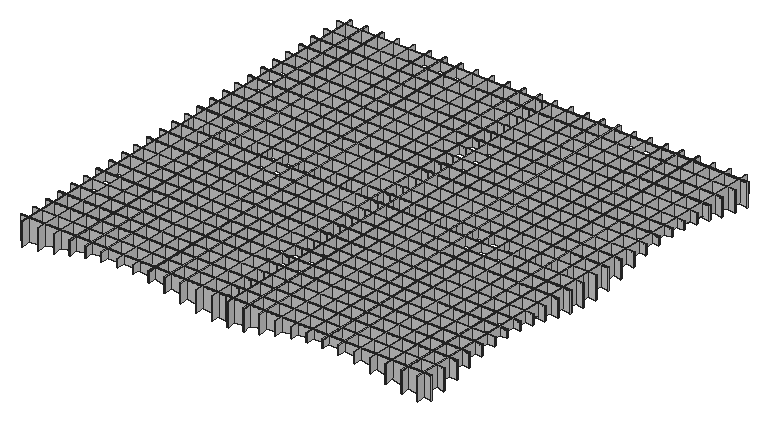
Revit family "CLD-WFL-002_RFA", category Modelos genéricos, Revit 2022 (continued)
Forms (in)
  Extrusion 174, solid, not visible
    sketch origin (0, 91.98955, 0) x (1, 0, 0) y (0, 0, 1)
      loop
        spline (62.54522, 6.59741) -> (63.20286, 6.57112) -> (63.85981, 6.54281) -> (64.51602, 6.51247) -> (65.17144, 6.48008) -> (65.82603, 6.44563) -> (66.47973, 6.40912) -> (67.1325, 6.37054) -> (67.78428, 6.32988) -> (68.43505, 6.28713) -> (69.08486, 6.24233) -> (69.73376, 6.19551) -> (70.38178, 6.14669)
        spline (70.38178, 6.14669) -> (71.1172, 6.08737) -> (71.85177, 6.02584) -> (72.58554, 5.96214) -> (73.31858, 5.89631) -> (74.05094, 5.82838) -> (74.78268, 5.75838) -> (75.51386, 5.68636) -> (76.24452, 5.61234) -> (76.97473, 5.53637) -> (77.70455, 5.45847) -> (78.43403, 5.37869) -> (79.16322, 5.29705)
        spline (79.16322, 5.29705) -> (79.81589, 5.22111) -> (80.46845, 5.14359) -> (81.12094, 5.06452) -> (81.77342, 4.98394) -> (82.42595, 4.90188) -> (83.07858, 4.81837) -> (83.73137, 4.73344) -> (84.38439, 4.64713) -> (85.03768, 4.55947) -> (85.6913, 4.47048) -> (86.34531, 4.3802) -> (86.99978, 4.28866)
        spline (86.99978, 4.28866) -> (87.72677, 4.18488) -> (88.45442, 4.07981) -> (89.1828, 3.97349) -> (89.91197, 3.86595) -> (90.64199, 3.75723) -> (91.37293, 3.64737) -> (92.10485, 3.53639) -> (92.8378, 3.42433) -> (93.57186, 3.31123) -> (94.30709, 3.19712) -> (95.04354, 3.08203) -> (95.78122, 2.96599)
        spline (95.78122, 2.96599) -> (96.4698, 2.85601) -> (97.15931, 2.74512) -> (97.84968, 2.63332) -> (98.54085, 2.52058) -> (99.23273, 2.40692) -> (99.92527, 2.2923) -> (100.61838, 2.17673) -> (101.31201, 2.06019) -> (102.00608, 1.94268) -> (102.70052, 1.82418) -> (103.39525, 1.70469) -> (104.09022, 1.58418)
        spline (104.09022, 1.58418) -> (104.41609, 1.52715) -> (104.74197, 1.46988) -> (105.06787, 1.41237) -> (105.39376, 1.35462) -> (105.71965, 1.29662) -> (106.04553, 1.23838) -> (106.37138, 1.1799) -> (106.6972, 1.12116) -> (107.02298, 1.06219) -> (107.34871, 1.00296) -> (107.67439, 0.94348) -> (108, 0.88375)
        line (108, 0.88375) -> (108, 11.82144)
    from -0.11811 to 0
  Extrusion 175, solid, not visible
    sketch origin (0, 99.708, 0) x (1, 0, 0) y (0, 0, 1)
      loop
        line (108, 11.82144) -> (0, 11.82144) -> (0, 0)
        spline (0, 0) -> (0.32561, 0.03535) -> (0.65129, 0.07108) -> (0.97702, 0.10719) -> (1.3028, 0.14369) -> (1.62862, 0.18058) -> (1.95447, 0.21788) -> (2.28035, 0.25557) -> (2.60624, 0.29369) -> (2.93213, 0.33222) -> (3.25803, 0.37118) -> (3.58391, 0.41056) -> (3.90978, 0.45039)
        spline (3.90978, 0.45039) -> (4.64427, 0.54331) -> (5.37851, 0.63835) -> (6.11243, 0.73557) -> (6.84597, 0.83501) -> (7.57904, 0.93675) -> (8.31156, 1.04084) -> (9.04347, 1.14734) -> (9.7747, 1.25631) -> (10.50516, 1.36779) -> (11.23478, 1.48186) -> (11.96349, 1.59857) -> (12.69122, 1.71798)
        spline (12.69122, 1.71798) -> (13.38922, 1.83797) -> (14.08606, 1.96074) -> (14.78174, 2.08623) -> (15.47631, 2.21426) -> (16.16984, 2.34463) -> (16.86238, 2.47718) -> (17.55399, 2.61172) -> (18.24473, 2.74807) -> (18.93467, 2.88604) -> (19.62386, 3.02546) -> (20.31235, 3.16614) -> (21.00022, 3.30789)
        spline (21.00022, 3.30789) -> (21.65469, 3.44372) -> (22.3087, 3.5801) -> (22.96232, 3.71687) -> (23.61561, 3.85384) -> (24.26863, 3.99083) -> (24.92142, 4.12768) -> (25.57405, 4.2642) -> (26.22658, 4.40021) -> (26.87906, 4.53554) -> (27.53155, 4.67001) -> (28.18411, 4.80344) -> (28.83678, 4.93566)
        spline (28.83678, 4.93566) -> (29.71888, 5.11051) -> (30.60133, 5.28308) -> (31.48418, 5.45313) -> (32.36752, 5.62042) -> (33.25139, 5.78471) -> (34.13589, 5.94577) -> (35.02106, 6.10336) -> (35.90699, 6.25724) -> (36.79374, 6.40717) -> (37.68137, 6.55291) -> (38.56997, 6.69423) -> (39.45958, 6.83089)
        spline (39.45958, 6.83089) -> (39.81456, 6.88206) -> (40.17002, 6.93114) -> (40.52597, 6.97806) -> (40.88246, 7.0227) -> (41.2395, 7.065) -> (41.59707, 7.10495) -> (41.95516, 7.14258) -> (42.31373, 7.17791) -> (42.67277, 7.21097) -> (43.03223, 7.2418) -> (43.3921, 7.27043) -> (43.75234, 7.29687)
        spline (43.75234, 7.29687) -> (44.62318, 7.35197) -> (45.49474, 7.40207) -> (46.36696, 7.44722) -> (47.23979, 7.48751) -> (48.11314, 7.52299) -> (48.98697, 7.55374) -> (49.8612, 7.57983) -> (50.73577, 7.60132) -> (51.61063, 7.61828) -> (52.48569, 7.63078) -> (53.36091, 7.63889) -> (54.23622, 7.64268)
        spline (54.23622, 7.64268) -> (54.8905, 7.63994) -> (55.54471, 7.63396) -> (56.19881, 7.62471) -> (56.85275, 7.61212) -> (57.50648, 7.59614) -> (58.15996, 7.57673) -> (58.81313, 7.55383) -> (59.46596, 7.5274) -> (60.11838, 7.49738) -> (60.77036, 7.46371) -> (61.42184, 7.42635) -> (62.07278, 7.38525)
        spline (62.07278, 7.38525) -> (62.80971, 7.33115) -> (63.54587, 7.27259) -> (64.28121, 7.20951) -> (65.01566, 7.14186) -> (65.74917, 7.06957) -> (66.48169, 6.99259) -> (67.21316, 6.91086) -> (67.94353, 6.82432) -> (68.67277, 6.73297) -> (69.40093, 6.637) -> (70.12806, 6.53658) -> (70.85422, 6.4319)
        spline (70.85422, 6.4319) -> (71.51051, 6.33081) -> (72.16604, 6.22628) -> (72.82086, 6.11849) -> (73.47503, 6.00761) -> (74.12859, 5.89382) -> (74.78159, 5.7773) -> (75.43409, 5.65821) -> (76.08613, 5.53673) -> (76.73777, 5.41305) -> (77.38906, 5.28733) -> (78.04005, 5.15975) -> (78.69078, 5.03049)
        spline (78.69078, 5.03049) -> (79.42214, 4.88265) -> (80.15338, 4.73345) -> (80.88454, 4.58309) -> (81.6157, 4.43177) -> (82.3469, 4.27969) -> (83.07823, 4.12703) -> (83.80973, 3.97401) -> (84.54148, 3.82083) -> (85.27354, 3.66767) -> (86.00597, 3.51473) -> (86.73884, 3.36223) -> (87.47222, 3.21035)
        spline (87.47222, 3.21035) -> (88.12098, 3.07725) -> (88.77034, 2.94516) -> (89.42035, 2.81427) -> (90.07106, 2.68474) -> (90.72253, 2.55674) -> (91.37482, 2.43044) -> (92.02798, 2.30602) -> (92.68208, 2.18365) -> (93.33715, 2.0635) -> (93.99327, 1.94575) -> (94.65048, 1.83055) -> (95.30878, 1.71798)
        spline (95.30878, 1.71798) -> (96.03651, 1.59857) -> (96.76522, 1.48186) -> (97.49484, 1.36779) -> (98.2253, 1.25631) -> (98.95653, 1.14734) -> (99.68844, 1.04084) -> (100.42096, 0.93675) -> (101.15403, 0.83501) -> (101.88757, 0.73557) -> (102.62149, 0.63835) -> (103.35573, 0.54331) -> (104.09022, 0.45039)
        spline (104.09022, 0.45039) -> (104.41609, 0.41056) -> (104.74197, 0.37118) -> (105.06787, 0.33222) -> (105.39376, 0.29369) -> (105.71965, 0.25557) -> (106.04553, 0.21788) -> (106.37138, 0.18058) -> (106.6972, 0.14369) -> (107.02298, 0.10719) -> (107.34871, 0.07108) -> (107.67439, 0.03535) -> (108, 0)
        line (108, 0) -> (108, 11.82144)
    from -0.11811 to 0
  Extrusion 176, solid, not visible
    sketch origin (0, 100.29855, 0) x (1, 0, 0) y (0, 0, 1)
      loop
        line (108, 11.82144) -> (0, 11.82144) -> (0, 0)
        spline (0, 0) -> (0.32561, 0.03535) -> (0.65129, 0.07108) -> (0.97702, 0.10719) -> (1.3028, 0.14369) -> (1.62862, 0.18058) -> (1.95447, 0.21788) -> (2.28035, 0.25557) -> (2.60624, 0.29369) -> (2.93213, 0.33222) -> (3.25803, 0.37118) -> (3.58391, 0.41056) -> (3.90978, 0.45039)
        spline (3.90978, 0.45039) -> (4.64427, 0.54331) -> (5.37851, 0.63835) -> (6.11243, 0.73557) -> (6.84597, 0.83501) -> (7.57904, 0.93675) -> (8.31156, 1.04084) -> (9.04347, 1.14734) -> (9.7747, 1.25631) -> (10.50516, 1.36779) -> (11.23478, 1.48186) -> (11.96349, 1.59857) -> (12.69122, 1.71798)
        spline (12.69122, 1.71798) -> (13.38922, 1.83797) -> (14.08606, 1.96074) -> (14.78174, 2.08623) -> (15.47631, 2.21426) -> (16.16984, 2.34463) -> (16.86238, 2.47718) -> (17.55399, 2.61172) -> (18.24473, 2.74807) -> (18.93467, 2.88604) -> (19.62386, 3.02546) -> (20.31235, 3.16614) -> (21.00022, 3.30789)
        spline (21.00022, 3.30789) -> (21.65469, 3.44372) -> (22.3087, 3.5801) -> (22.96232, 3.71687) -> (23.61561, 3.85384) -> (24.26863, 3.99083) -> (24.92142, 4.12768) -> (25.57405, 4.2642) -> (26.22658, 4.40021) -> (26.87906, 4.53554) -> (27.53155, 4.67001) -> (28.18411, 4.80344) -> (28.83678, 4.93566)
        spline (28.83678, 4.93566) -> (29.71888, 5.11051) -> (30.60133, 5.28308) -> (31.48418, 5.45313) -> (32.36752, 5.62042) -> (33.25139, 5.78471) -> (34.13589, 5.94577) -> (35.02106, 6.10336) -> (35.90699, 6.25724) -> (36.79374, 6.40717) -> (37.68137, 6.55291) -> (38.56997, 6.69423) -> (39.45958, 6.83089)
        spline (39.45958, 6.83089) -> (39.81456, 6.88206) -> (40.17002, 6.93114) -> (40.52597, 6.97806) -> (40.88246, 7.0227) -> (41.2395, 7.065) -> (41.59707, 7.10495) -> (41.95516, 7.14258) -> (42.31373, 7.17791) -> (42.67277, 7.21097) -> (43.03223, 7.2418) -> (43.3921, 7.27043) -> (43.75234, 7.29687)
        spline (43.75234, 7.29687) -> (44.62318, 7.35197) -> (45.49474, 7.40207) -> (46.36696, 7.44722) -> (47.23979, 7.48751) -> (48.11314, 7.52299) -> (48.98697, 7.55374) -> (49.8612, 7.57983) -> (50.73577, 7.60132) -> (51.61063, 7.61828) -> (52.48569, 7.63078) -> (53.36091, 7.63889) -> (54.23622, 7.64268)
        spline (54.23622, 7.64268) -> (54.8905, 7.63994) -> (55.54471, 7.63396) -> (56.19881, 7.62471) -> (56.85275, 7.61212) -> (57.50648, 7.59614) -> (58.15996, 7.57673) -> (58.81313, 7.55383) -> (59.46596, 7.5274) -> (60.11838, 7.49738) -> (60.77036, 7.46371) -> (61.42184, 7.42635) -> (62.07278, 7.38525)
        spline (62.07278, 7.38525) -> (62.80971, 7.33115) -> (63.54587, 7.27259) -> (64.28121, 7.20951) -> (65.01566, 7.14186) -> (65.74917, 7.06957) -> (66.48169, 6.99259) -> (67.21316, 6.91086) -> (67.94353, 6.82432) -> (68.67277, 6.73297) -> (69.40093, 6.637) -> (70.12806, 6.53658) -> (70.85422, 6.4319)
        spline (70.85422, 6.4319) -> (71.51051, 6.33081) -> (72.16604, 6.22628) -> (72.82086, 6.11849) -> (73.47503, 6.00761) -> (74.12859, 5.89382) -> (74.78159, 5.7773) -> (75.43409, 5.65821) -> (76.08613, 5.53673) -> (76.73777, 5.41305) -> (77.38906, 5.28733) -> (78.04005, 5.15975) -> (78.69078, 5.03049)
        spline (78.69078, 5.03049) -> (79.42214, 4.88265) -> (80.15338, 4.73345) -> (80.88454, 4.58309) -> (81.6157, 4.43177) -> (82.3469, 4.27969) -> (83.07823, 4.12703) -> (83.80973, 3.97401) -> (84.54148, 3.82083) -> (85.27354, 3.66767) -> (86.00597, 3.51473) -> (86.73884, 3.36223) -> (87.47222, 3.21035)
        spline (87.47222, 3.21035) -> (88.12098, 3.07725) -> (88.77034, 2.94516) -> (89.42035, 2.81427) -> (90.07106, 2.68474) -> (90.72253, 2.55674) -> (91.37482, 2.43044) -> (92.02798, 2.30602) -> (92.68208, 2.18365) -> (93.33715, 2.0635) -> (93.99327, 1.94575) -> (94.65048, 1.83055) -> (95.30878, 1.71798)
        spline (95.30878, 1.71798) -> (96.03651, 1.59857) -> (96.76522, 1.48186) -> (97.49484, 1.36779) -> (98.2253, 1.25631) -> (98.95653, 1.14734) -> (99.68844, 1.04084) -> (100.42096, 0.93675) -> (101.15403, 0.83501) -> (101.88757, 0.73557) -> (102.62149, 0.63835) -> (103.35573, 0.54331) -> (104.09022, 0.45039)
        spline (104.09022, 0.45039) -> (104.41609, 0.41056) -> (104.74197, 0.37118) -> (105.06787, 0.33222) -> (105.39376, 0.29369) -> (105.71965, 0.25557) -> (106.04553, 0.21788) -> (106.37138, 0.18058) -> (106.6972, 0.14369) -> (107.02298, 0.10719) -> (107.34871, 0.07108) -> (107.67439, 0.03535) -> (108, 0)
        line (108, 0) -> (108, 11.82144)
    from -0.11811 to 0
  Extrusion 177, solid, not visible
    sketch origin (0, 100.18044, 0) x (1, 0, 0) y (0, 0, 1)
      loop
        line (108, 11.82144) -> (0, 11.82144) -> (0, 0)
        spline (0, 0) -> (0.32561, 0.03535) -> (0.65129, 0.07108) -> (0.97702, 0.10719) -> (1.3028, 0.14369) -> (1.62862, 0.18058) -> (1.95447, 0.21788) -> (2.28035, 0.25557) -> (2.60624, 0.29369) -> (2.93213, 0.33222) -> (3.25803, 0.37118) -> (3.58391, 0.41056) -> (3.90978, 0.45039)
        spline (3.90978, 0.45039) -> (4.64427, 0.54331) -> (5.37851, 0.63835) -> (6.11243, 0.73557) -> (6.84597, 0.83501) -> (7.57904, 0.93675) -> (8.31156, 1.04084) -> (9.04347, 1.14734) -> (9.7747, 1.25631) -> (10.50516, 1.36779) -> (11.23478, 1.48186) -> (11.96349, 1.59857) -> (12.69122, 1.71798)
        spline (12.69122, 1.71798) -> (13.38922, 1.83797) -> (14.08606, 1.96074) -> (14.78174, 2.08623) -> (15.47631, 2.21426) -> (16.16984, 2.34463) -> (16.86238, 2.47718) -> (17.55399, 2.61172) -> (18.24473, 2.74807) -> (18.93467, 2.88604) -> (19.62386, 3.02546) -> (20.31235, 3.16614) -> (21.00022, 3.30789)
        spline (21.00022, 3.30789) -> (21.65469, 3.44372) -> (22.3087, 3.5801) -> (22.96232, 3.71687) -> (23.61561, 3.85384) -> (24.26863, 3.99083) -> (24.92142, 4.12768) -> (25.57405, 4.2642) -> (26.22658, 4.40021) -> (26.87906, 4.53554) -> (27.53155, 4.67001) -> (28.18411, 4.80344) -> (28.83678, 4.93566)
        spline (28.83678, 4.93566) -> (29.71888, 5.11051) -> (30.60133, 5.28308) -> (31.48418, 5.45313) -> (32.36752, 5.62042) -> (33.25139, 5.78471) -> (34.13589, 5.94577) -> (35.02106, 6.10336) -> (35.90699, 6.25724) -> (36.79374, 6.40717) -> (37.68137, 6.55291) -> (38.56997, 6.69423) -> (39.45958, 6.83089)
        spline (39.45958, 6.83089) -> (39.81456, 6.88206) -> (40.17002, 6.93114) -> (40.52597, 6.97806) -> (40.88246, 7.0227) -> (41.2395, 7.065) -> (41.59707, 7.10495) -> (41.95516, 7.14258) -> (42.31373, 7.17791) -> (42.67277, 7.21097) -> (43.03223, 7.2418) -> (43.3921, 7.27043) -> (43.75234, 7.29687)
        spline (43.75234, 7.29687) -> (44.62318, 7.35197) -> (45.49474, 7.40207) -> (46.36696, 7.44722) -> (47.23979, 7.48751) -> (48.11314, 7.52299) -> (48.98697, 7.55374) -> (49.8612, 7.57983) -> (50.73577, 7.60132) -> (51.61063, 7.61828) -> (52.48569, 7.63078) -> (53.36091, 7.63889) -> (54.23622, 7.64268)
        spline (54.23622, 7.64268) -> (54.8905, 7.63994) -> (55.54471, 7.63396) -> (56.19881, 7.62471) -> (56.85275, 7.61212) -> (57.50648, 7.59614) -> (58.15996, 7.57673) -> (58.81313, 7.55383) -> (59.46596, 7.5274) -> (60.11838, 7.49738) -> (60.77036, 7.46371) -> (61.42184, 7.42635) -> (62.07278, 7.38525)
        spline (62.07278, 7.38525) -> (62.80971, 7.33115) -> (63.54587, 7.27259) -> (64.28121, 7.20951) -> (65.01566, 7.14186) -> (65.74917, 7.06957) -> (66.48169, 6.99259) -> (67.21316, 6.91086) -> (67.94353, 6.82432) -> (68.67277, 6.73297) -> (69.40093, 6.637) -> (70.12806, 6.53658) -> (70.85422, 6.4319)
        spline (70.85422, 6.4319) -> (71.51051, 6.33081) -> (72.16604, 6.22628) -> (72.82086, 6.11849) -> (73.47503, 6.00761) -> (74.12859, 5.89382) -> (74.78159, 5.7773) -> (75.43409, 5.65821) -> (76.08613, 5.53673) -> (76.73777, 5.41305) -> (77.38906, 5.28733) -> (78.04005, 5.15975) -> (78.69078, 5.03049)
        spline (78.69078, 5.03049) -> (79.42214, 4.88265) -> (80.15338, 4.73345) -> (80.88454, 4.58309) -> (81.6157, 4.43177) -> (82.3469, 4.27969) -> (83.07823, 4.12703) -> (83.80973, 3.97401) -> (84.54148, 3.82083) -> (85.27354, 3.66767) -> (86.00597, 3.51473) -> (86.73884, 3.36223) -> (87.47222, 3.21035)
        spline (87.47222, 3.21035) -> (88.12098, 3.07725) -> (88.77034, 2.94516) -> (89.42035, 2.81427) -> (90.07106, 2.68474) -> (90.72253, 2.55674) -> (91.37482, 2.43044) -> (92.02798, 2.30602) -> (92.68208, 2.18365) -> (93.33715, 2.0635) -> (93.99327, 1.94575) -> (94.65048, 1.83055) -> (95.30878, 1.71798)
        spline (95.30878, 1.71798) -> (96.03651, 1.59857) -> (96.76522, 1.48186) -> (97.49484, 1.36779) -> (98.2253, 1.25631) -> (98.95653, 1.14734) -> (99.68844, 1.04084) -> (100.42096, 0.93675) -> (101.15403, 0.83501) -> (101.88757, 0.73557) -> (102.62149, 0.63835) -> (103.35573, 0.54331) -> (104.09022, 0.45039)
        spline (104.09022, 0.45039) -> (104.41609, 0.41056) -> (104.74197, 0.37118) -> (105.06787, 0.33222) -> (105.39376, 0.29369) -> (105.71965, 0.25557) -> (106.04553, 0.21788) -> (106.37138, 0.18058) -> (106.6972, 0.14369) -> (107.02298, 0.10719) -> (107.34871, 0.07108) -> (107.67439, 0.03535) -> (108, 0)
        line (108, 0) -> (108, 11.82144)
    from -0.11811 to 0.35433
  Extrusion 178, solid, not visible
    sketch origin (3.79167, 104.20833, 0) x (0, -1, 0) y (0, 0, 1)
      loop
        line (108, 11.82144) -> (0, 11.82144) -> (0, 0)
        spline (0, 0) -> (0.32561, 0.03535) -> (0.65129, 0.07108) -> (0.97702, 0.10719) -> (1.3028, 0.14369) -> (1.62862, 0.18058) -> (1.95447, 0.21788) -> (2.28035, 0.25557) -> (2.60624, 0.29369) -> (2.93213, 0.33222) -> (3.25803, 0.37118) -> (3.58391, 0.41056) -> (3.90978, 0.45039)
        spline (3.90978, 0.45039) -> (4.64427, 0.54331) -> (5.37851, 0.63835) -> (6.11243, 0.73557) -> (6.84597, 0.83501) -> (7.57904, 0.93675) -> (8.31156, 1.04084) -> (9.04347, 1.14734) -> (9.7747, 1.25631) -> (10.50516, 1.36779) -> (11.23478, 1.48186) -> (11.96349, 1.59857) -> (12.69122, 1.71798)
        spline (12.69122, 1.71798) -> (13.38922, 1.83797) -> (14.08606, 1.96074) -> (14.78174, 2.08623) -> (15.47631, 2.21426) -> (16.16984, 2.34463) -> (16.86238, 2.47718) -> (17.55399, 2.61172) -> (18.24473, 2.74807) -> (18.93467, 2.88604) -> (19.62386, 3.02546) -> (20.31235, 3.16614) -> (21.00022, 3.30789)
        spline (21.00022, 3.30789) -> (21.65469, 3.44372) -> (22.3087, 3.5801) -> (22.96232, 3.71687) -> (23.61561, 3.85384) -> (24.26863, 3.99083) -> (24.92142, 4.12768) -> (25.57405, 4.2642) -> (26.22658, 4.40021) -> (26.87906, 4.53554) -> (27.53155, 4.67001) -> (28.18411, 4.80344) -> (28.83678, 4.93566)
        spline (28.83678, 4.93566) -> (29.71888, 5.11051) -> (30.60133, 5.28308) -> (31.48418, 5.45313) -> (32.36752, 5.62042) -> (33.25139, 5.78471) -> (34.13589, 5.94577) -> (35.02106, 6.10336) -> (35.90699, 6.25724) -> (36.79374, 6.40717) -> (37.68137, 6.55291) -> (38.56997, 6.69423) -> (39.45958, 6.83089)
        spline (39.45958, 6.83089) -> (39.81456, 6.88206) -> (40.17002, 6.93114) -> (40.52597, 6.97806) -> (40.88246, 7.0227) -> (41.2395, 7.065) -> (41.59707, 7.10495) -> (41.95516, 7.14258) -> (42.31373, 7.17791) -> (42.67277, 7.21097) -> (43.03223, 7.2418) -> (43.3921, 7.27043) -> (43.75234, 7.29687)
        spline (43.75234, 7.29687) -> (44.62318, 7.35197) -> (45.49474, 7.40207) -> (46.36696, 7.44722) -> (47.23979, 7.48751) -> (48.11314, 7.52299) -> (48.98697, 7.55374) -> (49.8612, 7.57983) -> (50.73577, 7.60132) -> (51.61063, 7.61828) -> (52.48569, 7.63078) -> (53.36091, 7.63889) -> (54.23622, 7.64268)
        spline (54.23622, 7.64268) -> (54.8905, 7.63994) -> (55.54471, 7.63396) -> (56.19881, 7.62471) -> (56.85275, 7.61212) -> (57.50648, 7.59614) -> (58.15996, 7.57673) -> (58.81313, 7.55383) -> (59.46596, 7.5274) -> (60.11838, 7.49738) -> (60.77036, 7.46371) -> (61.42184, 7.42635) -> (62.07278, 7.38525)
        spline (62.07278, 7.38525) -> (62.80971, 7.33115) -> (63.54587, 7.27259) -> (64.28121, 7.20951) -> (65.01566, 7.14186) -> (65.74917, 7.06957) -> (66.48169, 6.99259) -> (67.21316, 6.91086) -> (67.94353, 6.82432) -> (68.67277, 6.73297) -> (69.40093, 6.637) -> (70.12806, 6.53658) -> (70.85422, 6.4319)
        spline (70.85422, 6.4319) -> (71.51051, 6.33081) -> (72.16604, 6.22628) -> (72.82086, 6.11849) -> (73.47503, 6.00761) -> (74.12859, 5.89382) -> (74.78159, 5.7773) -> (75.43409, 5.65821) -> (76.08613, 5.53673) -> (76.73777, 5.41305) -> (77.38906, 5.28733) -> (78.04005, 5.15975) -> (78.69078, 5.03049)
        spline (78.69078, 5.03049) -> (79.42214, 4.88265) -> (80.15338, 4.73345) -> (80.88454, 4.58309) -> (81.6157, 4.43177) -> (82.3469, 4.27969) -> (83.07823, 4.12703) -> (83.80973, 3.97401) -> (84.54148, 3.82083) -> (85.27354, 3.66767) -> (86.00597, 3.51473) -> (86.73884, 3.36223) -> (87.47222, 3.21035)
        spline (87.47222, 3.21035) -> (88.12098, 3.07725) -> (88.77034, 2.94516) -> (89.42035, 2.81427) -> (90.07106, 2.68474) -> (90.72253, 2.55674) -> (91.37482, 2.43044) -> (92.02798, 2.30602) -> (92.68208, 2.18365) -> (93.33715, 2.0635) -> (93.99327, 1.94575) -> (94.65048, 1.83055) -> (95.30878, 1.71798)
        spline (95.30878, 1.71798) -> (96.03651, 1.59857) -> (96.76522, 1.48186) -> (97.49484, 1.36779) -> (98.2253, 1.25631) -> (98.95653, 1.14734) -> (99.68844, 1.04084) -> (100.42096, 0.93675) -> (101.15403, 0.83501) -> (101.88757, 0.73557) -> (102.62149, 0.63835) -> (103.35573, 0.54331) -> (104.09022, 0.45039)
        spline (104.09022, 0.45039) -> (104.41609, 0.41056) -> (104.74197, 0.37118) -> (105.06787, 0.33222) -> (105.39376, 0.29369) -> (105.71965, 0.25557) -> (106.04553, 0.21788) -> (106.37138, 0.18058) -> (106.6972, 0.14369) -> (107.02298, 0.10719) -> (107.34871, 0.07108) -> (107.67439, 0.03535) -> (108, 0)
        line (108, 0) -> (108, 11.82144)
    from -0.11811 to 0
  Extrusion 179, solid, not visible
    sketch origin (4.38222, 104.20833, 0) x (0, -1, 0) y (0, 0, 1)
      loop
        line (108, 11.82144) -> (0, 11.82144) -> (0, 0)
        spline (0, 0) -> (0.32561, 0.03535) -> (0.65129, 0.07108) -> (0.97702, 0.10719) -> (1.3028, 0.14369) -> (1.62862, 0.18058) -> (1.95447, 0.21788) -> (2.28035, 0.25557) -> (2.60624, 0.29369) -> (2.93213, 0.33222) -> (3.25803, 0.37118) -> (3.58391, 0.41056) -> (3.90978, 0.45039)
        spline (3.90978, 0.45039) -> (4.64427, 0.54331) -> (5.37851, 0.63835) -> (6.11243, 0.73557) -> (6.84597, 0.83501) -> (7.57904, 0.93675) -> (8.31156, 1.04084) -> (9.04347, 1.14734) -> (9.7747, 1.25631) -> (10.50516, 1.36779) -> (11.23478, 1.48186) -> (11.96349, 1.59857) -> (12.69122, 1.71798)
        spline (12.69122, 1.71798) -> (13.38922, 1.83797) -> (14.08606, 1.96074) -> (14.78174, 2.08623) -> (15.47631, 2.21426) -> (16.16984, 2.34463) -> (16.86238, 2.47718) -> (17.55399, 2.61172) -> (18.24473, 2.74807) -> (18.93467, 2.88604) -> (19.62386, 3.02546) -> (20.31235, 3.16614) -> (21.00022, 3.30789)
        spline (21.00022, 3.30789) -> (21.65469, 3.44372) -> (22.3087, 3.5801) -> (22.96232, 3.71687) -> (23.61561, 3.85384) -> (24.26863, 3.99083) -> (24.92142, 4.12768) -> (25.57405, 4.2642) -> (26.22658, 4.40021) -> (26.87906, 4.53554) -> (27.53155, 4.67001) -> (28.18411, 4.80344) -> (28.83678, 4.93566)
        spline (28.83678, 4.93566) -> (29.71888, 5.11051) -> (30.60133, 5.28308) -> (31.48418, 5.45313) -> (32.36752, 5.62042) -> (33.25139, 5.78471) -> (34.13589, 5.94577) -> (35.02106, 6.10336) -> (35.90699, 6.25724) -> (36.79374, 6.40717) -> (37.68137, 6.55291) -> (38.56997, 6.69423) -> (39.45958, 6.83089)
        spline (39.45958, 6.83089) -> (39.81456, 6.88206) -> (40.17002, 6.93114) -> (40.52597, 6.97806) -> (40.88246, 7.0227) -> (41.2395, 7.065) -> (41.59707, 7.10495) -> (41.95516, 7.14258) -> (42.31373, 7.17791) -> (42.67277, 7.21097) -> (43.03223, 7.2418) -> (43.3921, 7.27043) -> (43.75234, 7.29687)
        spline (43.75234, 7.29687) -> (44.62318, 7.35197) -> (45.49474, 7.40207) -> (46.36696, 7.44722) -> (47.23979, 7.48751) -> (48.11314, 7.52299) -> (48.98697, 7.55374) -> (49.8612, 7.57983) -> (50.73577, 7.60132) -> (51.61063, 7.61828) -> (52.48569, 7.63078) -> (53.36091, 7.63889) -> (54.23622, 7.64268)
        spline (54.23622, 7.64268) -> (54.8905, 7.63994) -> (55.54471, 7.63396) -> (56.19881, 7.62471) -> (56.85275, 7.61212) -> (57.50648, 7.59614) -> (58.15996, 7.57673) -> (58.81313, 7.55383) -> (59.46596, 7.5274) -> (60.11838, 7.49738) -> (60.77036, 7.46371) -> (61.42184, 7.42635) -> (62.07278, 7.38525)
        spline (62.07278, 7.38525) -> (62.80971, 7.33115) -> (63.54587, 7.27259) -> (64.28121, 7.20951) -> (65.01566, 7.14186) -> (65.74917, 7.06957) -> (66.48169, 6.99259) -> (67.21316, 6.91086) -> (67.94353, 6.82432) -> (68.67277, 6.73297) -> (69.40093, 6.637) -> (70.12806, 6.53658) -> (70.85422, 6.4319)
        spline (70.85422, 6.4319) -> (71.51051, 6.33081) -> (72.16604, 6.22628) -> (72.82086, 6.11849) -> (73.47503, 6.00761) -> (74.12859, 5.89382) -> (74.78159, 5.7773) -> (75.43409, 5.65821) -> (76.08613, 5.53673) -> (76.73777, 5.41305) -> (77.38906, 5.28733) -> (78.04005, 5.15975) -> (78.69078, 5.03049)
        spline (78.69078, 5.03049) -> (79.42214, 4.88265) -> (80.15338, 4.73345) -> (80.88454, 4.58309) -> (81.6157, 4.43177) -> (82.3469, 4.27969) -> (83.07823, 4.12703) -> (83.80973, 3.97401) -> (84.54148, 3.82083) -> (85.27354, 3.66767) -> (86.00597, 3.51473) -> (86.73884, 3.36223) -> (87.47222, 3.21035)
        spline (87.47222, 3.21035) -> (88.12098, 3.07725) -> (88.77034, 2.94516) -> (89.42035, 2.81427) -> (90.07106, 2.68474) -> (90.72253, 2.55674) -> (91.37482, 2.43044) -> (92.02798, 2.30602) -> (92.68208, 2.18365) -> (93.33715, 2.0635) -> (93.99327, 1.94575) -> (94.65048, 1.83055) -> (95.30878, 1.71798)
        spline (95.30878, 1.71798) -> (96.03651, 1.59857) -> (96.76522, 1.48186) -> (97.49484, 1.36779) -> (98.2253, 1.25631) -> (98.95653, 1.14734) -> (99.68844, 1.04084) -> (100.42096, 0.93675) -> (101.15403, 0.83501) -> (101.88757, 0.73557) -> (102.62149, 0.63835) -> (103.35573, 0.54331) -> (104.09022, 0.45039)
        spline (104.09022, 0.45039) -> (104.41609, 0.41056) -> (104.74197, 0.37118) -> (105.06787, 0.33222) -> (105.39376, 0.29369) -> (105.71965, 0.25557) -> (106.04553, 0.21788) -> (106.37138, 0.18058) -> (106.6972, 0.14369) -> (107.02298, 0.10719) -> (107.34871, 0.07108) -> (107.67439, 0.03535) -> (108, 0)
        line (108, 0) -> (108, 11.82144)
    from -0.11811 to 0
  Extrusion 180, solid, not visible
    sketch origin (4.26411, 104.20833, 0) x (0, -1, 0) y (0, 0, 1)
      loop
        line (108, 11.82144) -> (0, 11.82144) -> (0, 0)
        spline (0, 0) -> (0.32561, 0.03535) -> (0.65129, 0.07108) -> (0.97702, 0.10719) -> (1.3028, 0.14369) -> (1.62862, 0.18058) -> (1.95447, 0.21788) -> (2.28035, 0.25557) -> (2.60624, 0.29369) -> (2.93213, 0.33222) -> (3.25803, 0.37118) -> (3.58391, 0.41056) -> (3.90978, 0.45039)
        spline (3.90978, 0.45039) -> (4.64427, 0.54331) -> (5.37851, 0.63835) -> (6.11243, 0.73557) -> (6.84597, 0.83501) -> (7.57904, 0.93675) -> (8.31156, 1.04084) -> (9.04347, 1.14734) -> (9.7747, 1.25631) -> (10.50516, 1.36779) -> (11.23478, 1.48186) -> (11.96349, 1.59857) -> (12.69122, 1.71798)
        spline (12.69122, 1.71798) -> (13.38922, 1.83797) -> (14.08606, 1.96074) -> (14.78174, 2.08623) -> (15.47631, 2.21426) -> (16.16984, 2.34463) -> (16.86238, 2.47718) -> (17.55399, 2.61172) -> (18.24473, 2.74807) -> (18.93467, 2.88604) -> (19.62386, 3.02546) -> (20.31235, 3.16614) -> (21.00022, 3.30789)
        spline (21.00022, 3.30789) -> (21.65469, 3.44372) -> (22.3087, 3.5801) -> (22.96232, 3.71687) -> (23.61561, 3.85384) -> (24.26863, 3.99083) -> (24.92142, 4.12768) -> (25.57405, 4.2642) -> (26.22658, 4.40021) -> (26.87906, 4.53554) -> (27.53155, 4.67001) -> (28.18411, 4.80344) -> (28.83678, 4.93566)
        spline (28.83678, 4.93566) -> (29.71888, 5.11051) -> (30.60133, 5.28308) -> (31.48418, 5.45313) -> (32.36752, 5.62042) -> (33.25139, 5.78471) -> (34.13589, 5.94577) -> (35.02106, 6.10336) -> (35.90699, 6.25724) -> (36.79374, 6.40717) -> (37.68137, 6.55291) -> (38.56997, 6.69423) -> (39.45958, 6.83089)
        spline (39.45958, 6.83089) -> (39.81456, 6.88206) -> (40.17002, 6.93114) -> (40.52597, 6.97806) -> (40.88246, 7.0227) -> (41.2395, 7.065) -> (41.59707, 7.10495) -> (41.95516, 7.14258) -> (42.31373, 7.17791) -> (42.67277, 7.21097) -> (43.03223, 7.2418) -> (43.3921, 7.27043) -> (43.75234, 7.29687)
        spline (43.75234, 7.29687) -> (44.62318, 7.35197) -> (45.49474, 7.40207) -> (46.36696, 7.44722) -> (47.23979, 7.48751) -> (48.11314, 7.52299) -> (48.98697, 7.55374) -> (49.8612, 7.57983) -> (50.73577, 7.60132) -> (51.61063, 7.61828) -> (52.48569, 7.63078) -> (53.36091, 7.63889) -> (54.23622, 7.64268)
        spline (54.23622, 7.64268) -> (54.8905, 7.63994) -> (55.54471, 7.63396) -> (56.19881, 7.62471) -> (56.85275, 7.61212) -> (57.50648, 7.59614) -> (58.15996, 7.57673) -> (58.81313, 7.55383) -> (59.46596, 7.5274) -> (60.11838, 7.49738) -> (60.77036, 7.46371) -> (61.42184, 7.42635) -> (62.07278, 7.38525)
        spline (62.07278, 7.38525) -> (62.80971, 7.33115) -> (63.54587, 7.27259) -> (64.28121, 7.20951) -> (65.01566, 7.14186) -> (65.74917, 7.06957) -> (66.48169, 6.99259) -> (67.21316, 6.91086) -> (67.94353, 6.82432) -> (68.67277, 6.73297) -> (69.40093, 6.637) -> (70.12806, 6.53658) -> (70.85422, 6.4319)
        spline (70.85422, 6.4319) -> (71.51051, 6.33081) -> (72.16604, 6.22628) -> (72.82086, 6.11849) -> (73.47503, 6.00761) -> (74.12859, 5.89382) -> (74.78159, 5.7773) -> (75.43409, 5.65821) -> (76.08613, 5.53673) -> (76.73777, 5.41305) -> (77.38906, 5.28733) -> (78.04005, 5.15975) -> (78.69078, 5.03049)
        spline (78.69078, 5.03049) -> (79.42214, 4.88265) -> (80.15338, 4.73345) -> (80.88454, 4.58309) -> (81.6157, 4.43177) -> (82.3469, 4.27969) -> (83.07823, 4.12703) -> (83.80973, 3.97401) -> (84.54148, 3.82083) -> (85.27354, 3.66767) -> (86.00597, 3.51473) -> (86.73884, 3.36223) -> (87.47222, 3.21035)
        spline (87.47222, 3.21035) -> (88.12098, 3.07725) -> (88.77034, 2.94516) -> (89.42035, 2.81427) -> (90.07106, 2.68474) -> (90.72253, 2.55674) -> (91.37482, 2.43044) -> (92.02798, 2.30602) -> (92.68208, 2.18365) -> (93.33715, 2.0635) -> (93.99327, 1.94575) -> (94.65048, 1.83055) -> (95.30878, 1.71798)
        spline (95.30878, 1.71798) -> (96.03651, 1.59857) -> (96.76522, 1.48186) -> (97.49484, 1.36779) -> (98.2253, 1.25631) -> (98.95653, 1.14734) -> (99.68844, 1.04084) -> (100.42096, 0.93675) -> (101.15403, 0.83501) -> (101.88757, 0.73557) -> (102.62149, 0.63835) -> (103.35573, 0.54331) -> (104.09022, 0.45039)
        spline (104.09022, 0.45039) -> (104.41609, 0.41056) -> (104.74197, 0.37118) -> (105.06787, 0.33222) -> (105.39376, 0.29369) -> (105.71965, 0.25557) -> (106.04553, 0.21788) -> (106.37138, 0.18058) -> (106.6972, 0.14369) -> (107.02298, 0.10719) -> (107.34871, 0.07108) -> (107.67439, 0.03535) -> (108, 0)
        line (108, 0) -> (108, 11.82144)
    from -0.11811 to 0.35433
  Extrusion 181, solid, not visible
    sketch origin (12.10067, 104.20833, 0) x (0, -1, 0) y (0, 0, 1)
      loop
        line (108, 11.82144) -> (0, 11.82144) -> (0, 0.88375)
        spline (0, 0.88375) -> (0.32561, 0.94348) -> (0.65129, 1.00296) -> (0.97702, 1.06219) -> (1.3028, 1.12116) -> (1.62862, 1.1799) -> (1.95447, 1.23838) -> (2.28035, 1.29662) -> (2.60624, 1.35462) -> (2.93213, 1.41237) -> (3.25803, 1.46988) -> (3.58391, 1.52715) -> (3.90978, 1.58418)
        spline (3.90978, 1.58418) -> (4.64426, 1.71122) -> (5.37851, 1.8372) -> (6.11243, 1.96212) -> (6.84596, 2.086) -> (7.57903, 2.20885) -> (8.31155, 2.33067) -> (9.04347, 2.45149) -> (9.77469, 2.57131) -> (10.50515, 2.69014) -> (11.23478, 2.80798) -> (11.96349, 2.92486) -> (12.69122, 3.04079)
        spline (12.69122, 3.04079) -> (13.34952, 3.14441) -> (14.00673, 3.24717) -> (14.66285, 3.34906) -> (15.31792, 3.45005) -> (15.97202, 3.55011) -> (16.62518, 3.64921) -> (17.27747, 3.74732) -> (17.92894, 3.8444) -> (18.57965, 3.94043) -> (19.22966, 4.03537) -> (19.87902, 4.12919) -> (20.52778, 4.22187)
        spline (20.52778, 4.22187) -> (21.26116, 4.32437) -> (21.99403, 4.42546) -> (22.72646, 4.52511) -> (23.45852, 4.62328) -> (24.19027, 4.71993) -> (24.92177, 4.81503) -> (25.6531, 4.90854) -> (26.3843, 5.00042) -> (27.11545, 5.09065) -> (27.84662, 5.17918) -> (28.57786, 5.26598) -> (29.30922, 5.35101)
        spline (29.30922, 5.35101) -> (29.95995, 5.42391) -> (30.61094, 5.49516) -> (31.26223, 5.56472) -> (31.91387, 5.63257) -> (32.56591, 5.69867) -> (33.21841, 5.763) -> (33.87141, 5.82551) -> (34.52497, 5.88618) -> (35.17914, 5.94498) -> (35.83396, 6.00187) -> (36.48949, 6.05683) -> (37.14578, 6.10982)
        spline (37.14578, 6.10982) -> (37.87194, 6.16453) -> (38.59907, 6.21702) -> (39.32723, 6.26723) -> (40.05647, 6.31514) -> (40.78684, 6.36072) -> (41.51831, 6.40397) -> (42.25083, 6.44489) -> (42.98434, 6.4835) -> (43.71879, 6.51981) -> (44.45413, 6.55383) -> (45.19029, 6.58557) -> (45.92722, 6.61503)
        spline (45.92722, 6.61503) -> (46.57816, 6.6376) -> (47.22964, 6.65822) -> (47.88162, 6.67689) -> (48.53404, 6.69363) -> (49.18687, 6.70845) -> (49.84004, 6.72134) -> (50.49352, 6.73234) -> (51.14725, 6.74143) -> (51.80119, 6.74863) -> (52.45529, 6.75396) -> (53.1095, 6.75742) -> (53.76378, 6.75901)
        spline (53.76378, 6.75901) -> (54.49695, 6.7572) -> (55.23004, 6.75331) -> (55.96301, 6.74732) -> (56.6958, 6.73922) -> (57.42835, 6.72901) -> (58.16062, 6.71667) -> (58.89255, 6.7022) -> (59.62408, 6.68557) -> (60.35517, 6.66679) -> (61.08576, 6.64585) -> (61.81579, 6.62272) -> (62.54522, 6.59741)
        spline (62.54522, 6.59741) -> (63.20286, 6.57112) -> (63.85981, 6.54281) -> (64.51602, 6.51247) -> (65.17144, 6.48008) -> (65.82603, 6.44563) -> (66.47973, 6.40912) -> (67.1325, 6.37054) -> (67.78428, 6.32988) -> (68.43505, 6.28713) -> (69.08486, 6.24233) -> (69.73376, 6.19551) -> (70.38178, 6.14669)
        spline (70.38178, 6.14669) -> (71.1172, 6.08737) -> (71.85177, 6.02584) -> (72.58554, 5.96214) -> (73.31858, 5.89631) -> (74.05094, 5.82838) -> (74.78268, 5.75838) -> (75.51386, 5.68636) -> (76.24452, 5.61234) -> (76.97473, 5.53637) -> (77.70455, 5.45847) -> (78.43403, 5.37869) -> (79.16322, 5.29705)
        spline (79.16322, 5.29705) -> (79.81589, 5.22111) -> (80.46845, 5.14359) -> (81.12094, 5.06452) -> (81.77342, 4.98394) -> (82.42595, 4.90188) -> (83.07858, 4.81837) -> (83.73137, 4.73344) -> (84.38439, 4.64713) -> (85.03768, 4.55947) -> (85.6913, 4.47048) -> (86.34531, 4.3802) -> (86.99978, 4.28866)
        spline (86.99978, 4.28866) -> (87.72677, 4.18488) -> (88.45442, 4.07981) -> (89.1828, 3.97349) -> (89.91197, 3.86595) -> (90.64199, 3.75723) -> (91.37293, 3.64737) -> (92.10485, 3.53639) -> (92.8378, 3.42433) -> (93.57186, 3.31123) -> (94.30709, 3.19712) -> (95.04354, 3.08203) -> (95.78122, 2.96599)
        spline (95.78122, 2.96599) -> (96.4698, 2.85601) -> (97.15931, 2.74512) -> (97.84968, 2.63332) -> (98.54085, 2.52058) -> (99.23273, 2.40692) -> (99.92527, 2.2923) -> (100.61838, 2.17673) -> (101.31201, 2.06019) -> (102.00608, 1.94268) -> (102.70052, 1.82418) -> (103.39525, 1.70469) -> (104.09022, 1.58418)
        spline (104.09022, 1.58418) -> (104.41609, 1.52715) -> (104.74197, 1.46988) -> (105.06787, 1.41237) -> (105.39376, 1.35462) -> (105.71965, 1.29662) -> (106.04553, 1.23838) -> (106.37138, 1.1799) -> (106.6972, 1.12116) -> (107.02298, 1.06219) -> (107.34871, 1.00296) -> (107.67439, 0.94348) -> (108, 0.88375)
        line (108, 0.88375) -> (108, 11.82144)
    from -0.11811 to 0
  Extrusion 182, solid, not visible
    sketch origin (12.57311, 104.20833, 0) x (0, -1, 0) y (0, 0, 1)
      loop
        line (108, 11.82144) -> (0, 11.82144) -> (0, 0.88375)
        spline (0, 0.88375) -> (0.32561, 0.94348) -> (0.65129, 1.00296) -> (0.97702, 1.06219) -> (1.3028, 1.12116) -> (1.62862, 1.1799) -> (1.95447, 1.23838) -> (2.28035, 1.29662) -> (2.60624, 1.35462) -> (2.93213, 1.41237) -> (3.25803, 1.46988) -> (3.58391, 1.52715) -> (3.90978, 1.58418)
        spline (3.90978, 1.58418) -> (4.64426, 1.71122) -> (5.37851, 1.8372) -> (6.11243, 1.96212) -> (6.84596, 2.086) -> (7.57903, 2.20885) -> (8.31155, 2.33067) -> (9.04347, 2.45149) -> (9.77469, 2.57131) -> (10.50515, 2.69014) -> (11.23478, 2.80798) -> (11.96349, 2.92486) -> (12.69122, 3.04079)
        spline (12.69122, 3.04079) -> (13.34952, 3.14441) -> (14.00673, 3.24717) -> (14.66285, 3.34906) -> (15.31792, 3.45005) -> (15.97202, 3.55011) -> (16.62518, 3.64921) -> (17.27747, 3.74732) -> (17.92894, 3.8444) -> (18.57965, 3.94043) -> (19.22966, 4.03537) -> (19.87902, 4.12919) -> (20.52778, 4.22187)
        spline (20.52778, 4.22187) -> (21.26116, 4.32437) -> (21.99403, 4.42546) -> (22.72646, 4.52511) -> (23.45852, 4.62328) -> (24.19027, 4.71993) -> (24.92177, 4.81503) -> (25.6531, 4.90854) -> (26.3843, 5.00042) -> (27.11545, 5.09065) -> (27.84662, 5.17918) -> (28.57786, 5.26598) -> (29.30922, 5.35101)
        spline (29.30922, 5.35101) -> (29.95995, 5.42391) -> (30.61094, 5.49516) -> (31.26223, 5.56472) -> (31.91387, 5.63257) -> (32.56591, 5.69867) -> (33.21841, 5.763) -> (33.87141, 5.82551) -> (34.52497, 5.88618) -> (35.17914, 5.94498) -> (35.83396, 6.00187) -> (36.48949, 6.05683) -> (37.14578, 6.10982)
        spline (37.14578, 6.10982) -> (37.87194, 6.16453) -> (38.59907, 6.21702) -> (39.32723, 6.26723) -> (40.05647, 6.31514) -> (40.78684, 6.36072) -> (41.51831, 6.40397) -> (42.25083, 6.44489) -> (42.98434, 6.4835) -> (43.71879, 6.51981) -> (44.45413, 6.55383) -> (45.19029, 6.58557) -> (45.92722, 6.61503)
        spline (45.92722, 6.61503) -> (46.57816, 6.6376) -> (47.22964, 6.65822) -> (47.88162, 6.67689) -> (48.53404, 6.69363) -> (49.18687, 6.70845) -> (49.84004, 6.72134) -> (50.49352, 6.73234) -> (51.14725, 6.74143) -> (51.80119, 6.74863) -> (52.45529, 6.75396) -> (53.1095, 6.75742) -> (53.76378, 6.75901)
        spline (53.76378, 6.75901) -> (54.49695, 6.7572) -> (55.23004, 6.75331) -> (55.96301, 6.74732) -> (56.6958, 6.73922) -> (57.42835, 6.72901) -> (58.16062, 6.71667) -> (58.89255, 6.7022) -> (59.62408, 6.68557) -> (60.35517, 6.66679) -> (61.08576, 6.64585) -> (61.81579, 6.62272) -> (62.54522, 6.59741)
        spline (62.54522, 6.59741) -> (63.20286, 6.57112) -> (63.85981, 6.54281) -> (64.51602, 6.51247) -> (65.17144, 6.48008) -> (65.82603, 6.44563) -> (66.47973, 6.40912) -> (67.1325, 6.37054) -> (67.78428, 6.32988) -> (68.43505, 6.28713) -> (69.08486, 6.24233) -> (69.73376, 6.19551) -> (70.38178, 6.14669)
        spline (70.38178, 6.14669) -> (71.1172, 6.08737) -> (71.85177, 6.02584) -> (72.58554, 5.96214) -> (73.31858, 5.89631) -> (74.05094, 5.82838) -> (74.78268, 5.75838) -> (75.51386, 5.68636) -> (76.24452, 5.61234) -> (76.97473, 5.53637) -> (77.70455, 5.45847) -> (78.43403, 5.37869) -> (79.16322, 5.29705)
        spline (79.16322, 5.29705) -> (79.81589, 5.22111) -> (80.46845, 5.14359) -> (81.12094, 5.06452) -> (81.77342, 4.98394) -> (82.42595, 4.90188) -> (83.07858, 4.81837) -> (83.73137, 4.73344) -> (84.38439, 4.64713) -> (85.03768, 4.55947) -> (85.6913, 4.47048) -> (86.34531, 4.3802) -> (86.99978, 4.28866)
        spline (86.99978, 4.28866) -> (87.72677, 4.18488) -> (88.45442, 4.07981) -> (89.1828, 3.97349) -> (89.91197, 3.86595) -> (90.64199, 3.75723) -> (91.37293, 3.64737) -> (92.10485, 3.53639) -> (92.8378, 3.42433) -> (93.57186, 3.31123) -> (94.30709, 3.19712) -> (95.04354, 3.08203) -> (95.78122, 2.96599)
        spline (95.78122, 2.96599) -> (96.4698, 2.85601) -> (97.15931, 2.74512) -> (97.84968, 2.63332) -> (98.54085, 2.52058) -> (99.23273, 2.40692) -> (99.92527, 2.2923) -> (100.61838, 2.17673) -> (101.31201, 2.06019) -> (102.00608, 1.94268) -> (102.70052, 1.82418) -> (103.39525, 1.70469) -> (104.09022, 1.58418)
        spline (104.09022, 1.58418) -> (104.41609, 1.52715) -> (104.74197, 1.46988) -> (105.06787, 1.41237) -> (105.39376, 1.35462) -> (105.71965, 1.29662) -> (106.04553, 1.23838) -> (106.37138, 1.1799) -> (106.6972, 1.12116) -> (107.02298, 1.06219) -> (107.34871, 1.00296) -> (107.67439, 0.94348) -> (108, 0.88375)
        line (108, 0.88375) -> (108, 11.82144)
    from -0.11811 to 0.35433
  Extrusion 183, solid, not visible
    sketch origin (20.40967, 104.20833, 0) x (0, -1, 0) y (0, 0, 1)
      loop
        line (108, 11.82144) -> (0, 11.82144) -> (0, 2.55729)
        spline (0, 2.55729) -> (0.32561, 2.61504) -> (0.65129, 2.67215) -> (0.97702, 2.72862) -> (1.3028, 2.78445) -> (1.62862, 2.83963) -> (1.95447, 2.89415) -> (2.28035, 2.94802) -> (2.60624, 3.00123) -> (2.93213, 3.05379) -> (3.25803, 3.10567) -> (3.58391, 3.15689) -> (3.90978, 3.20744)
        spline (3.90978, 3.20744) -> (4.64427, 3.31686) -> (5.37851, 3.42317) -> (6.11243, 3.52634) -> (6.84596, 3.62635) -> (7.57903, 3.72316) -> (8.31156, 3.81675) -> (9.04347, 3.90709) -> (9.77469, 3.99415) -> (10.50515, 4.07789) -> (11.23478, 4.1583) -> (11.96349, 4.23534) -> (12.69122, 4.30898)
        spline (12.69122, 4.30898) -> (13.34952, 4.37039) -> (14.00673, 4.4286) -> (14.66285, 4.48364) -> (15.31792, 4.53559) -> (15.97202, 4.58455) -> (16.62518, 4.63059) -> (17.27747, 4.67381) -> (17.92894, 4.71429) -> (18.57965, 4.75212) -> (19.22966, 4.78738) -> (19.87902, 4.82016) -> (20.52778, 4.85054)
        spline (20.52778, 4.85054) -> (21.26115, 4.88062) -> (21.99402, 4.90823) -> (22.72646, 4.93347) -> (23.45851, 4.95644) -> (24.19026, 4.97724) -> (24.92176, 4.99598) -> (25.65309, 5.01275) -> (26.38429, 5.02764) -> (27.11545, 5.04077) -> (27.84661, 5.05223) -> (28.57785, 5.06211) -> (29.30922, 5.07053)
        spline (29.30922, 5.07053) -> (29.95995, 5.07584) -> (30.61094, 5.08009) -> (31.26223, 5.08336) -> (31.91387, 5.08574) -> (32.56591, 5.08733) -> (33.21841, 5.0882) -> (33.87141, 5.08846) -> (34.52497, 5.08817) -> (35.17914, 5.08744) -> (35.83396, 5.08636) -> (36.48949, 5.085) -> (37.14578, 5.08346)
        spline (37.14578, 5.08346) -> (37.87194, 5.08165) -> (38.59907, 5.0799) -> (39.32723, 5.0783) -> (40.05647, 5.07696) -> (40.78684, 5.07594) -> (41.51831, 5.07527) -> (42.25083, 5.07491) -> (42.98434, 5.07483) -> (43.7188, 5.075) -> (44.45413, 5.07538) -> (45.19029, 5.07596) -> (45.92722, 5.0767)
        spline (45.92722, 5.0767) -> (46.57816, 5.07753) -> (47.22964, 5.07843) -> (47.88162, 5.07937) -> (48.53404, 5.08033) -> (49.18687, 5.08128) -> (49.84004, 5.0822) -> (50.49352, 5.08306) -> (51.14725, 5.08383) -> (51.80119, 5.0845) -> (52.45529, 5.08503) -> (53.1095, 5.0854) -> (53.76378, 5.08558)
        spline (53.76378, 5.08558) -> (54.49695, 5.08542) -> (55.23004, 5.08505) -> (55.96301, 5.0845) -> (56.6958, 5.0838) -> (57.42835, 5.08298) -> (58.16062, 5.08206) -> (58.89255, 5.08107) -> (59.62408, 5.08005) -> (60.35517, 5.07902) -> (61.08576, 5.07801) -> (61.81579, 5.07705) -> (62.54522, 5.07616)
        spline (62.54522, 5.07616) -> (63.20286, 5.07551) -> (63.85981, 5.075) -> (64.51602, 5.07466) -> (65.17144, 5.07452) -> (65.82603, 5.0746) -> (66.47973, 5.07493) -> (67.1325, 5.07554) -> (67.78428, 5.07645) -> (68.43505, 5.07766) -> (69.08486, 5.07909) -> (69.73376, 5.08066) -> (70.38178, 5.08229)
        spline (70.38178, 5.08229) -> (71.1172, 5.08386) -> (71.85177, 5.08523) -> (72.58555, 5.08629) -> (73.31859, 5.08695) -> (74.05095, 5.08712) -> (74.78269, 5.08668) -> (75.51386, 5.08555) -> (76.24453, 5.08362) -> (76.97474, 5.08079) -> (77.70455, 5.07697) -> (78.43403, 5.07206) -> (79.16322, 5.06596)
        spline (79.16322, 5.06596) -> (79.81589, 5.05858) -> (80.46845, 5.04989) -> (81.12094, 5.0398) -> (81.77342, 5.02821) -> (82.42595, 5.01505) -> (83.07858, 5.00022) -> (83.73137, 4.98363) -> (84.38439, 4.9652) -> (85.03768, 4.94483) -> (85.6913, 4.92244) -> (86.34531, 4.89793) -> (86.99978, 4.87123)
        spline (86.99978, 4.87123) -> (87.72677, 4.83707) -> (88.45442, 4.80022) -> (89.18281, 4.7606) -> (89.91198, 4.7181) -> (90.642, 4.67263) -> (91.37294, 4.62408) -> (92.10486, 4.57237) -> (92.83781, 4.5174) -> (93.57187, 4.45907) -> (94.3071, 4.39728) -> (95.04355, 4.33194) -> (95.78122, 4.26301)
        spline (95.78122, 4.26301) -> (96.43065, 4.19725) -> (97.08095, 4.12847) -> (97.73207, 4.05667) -> (98.38393, 3.9819) -> (99.03648, 3.90417) -> (99.68963, 3.82352) -> (100.34334, 3.73996) -> (100.99753, 3.65352) -> (101.65213, 3.56424) -> (102.30709, 3.47213) -> (102.96233, 3.37722) -> (103.61778, 3.27954)
        spline (103.61778, 3.27954) -> (103.98302, 3.22342) -> (104.34828, 3.16655) -> (104.71355, 3.10893) -> (105.07882, 3.05057) -> (105.44409, 2.99146) -> (105.80934, 2.93162) -> (106.17456, 2.87105) -> (106.53976, 2.80974) -> (106.9049, 2.74771) -> (107.27, 2.68496) -> (107.63504, 2.62148) -> (108, 2.55729)
        line (108, 2.55729) -> (108, 11.82144)
    from -0.11811 to 0
  Extrusion 184, solid, not visible
    sketch origin (20.52778, 104.20833, 0) x (0, -1, 0) y (0, 0, 1)
      loop
        line (108, 11.82144) -> (0, 11.82144) -> (0, 2.55729)
        spline (0, 2.55729) -> (0.32561, 2.61504) -> (0.65129, 2.67215) -> (0.97702, 2.72862) -> (1.3028, 2.78445) -> (1.62862, 2.83963) -> (1.95447, 2.89415) -> (2.28035, 2.94802) -> (2.60624, 3.00123) -> (2.93213, 3.05379) -> (3.25803, 3.10567) -> (3.58391, 3.15689) -> (3.90978, 3.20744)
        spline (3.90978, 3.20744) -> (4.64427, 3.31686) -> (5.37851, 3.42317) -> (6.11243, 3.52634) -> (6.84596, 3.62635) -> (7.57903, 3.72316) -> (8.31156, 3.81675) -> (9.04347, 3.90709) -> (9.77469, 3.99415) -> (10.50515, 4.07789) -> (11.23478, 4.1583) -> (11.96349, 4.23534) -> (12.69122, 4.30898)
        spline (12.69122, 4.30898) -> (13.34952, 4.37039) -> (14.00673, 4.4286) -> (14.66285, 4.48364) -> (15.31792, 4.53559) -> (15.97202, 4.58455) -> (16.62518, 4.63059) -> (17.27747, 4.67381) -> (17.92894, 4.71429) -> (18.57965, 4.75212) -> (19.22966, 4.78738) -> (19.87902, 4.82016) -> (20.52778, 4.85054)
        spline (20.52778, 4.85054) -> (21.26115, 4.88062) -> (21.99402, 4.90823) -> (22.72646, 4.93347) -> (23.45851, 4.95644) -> (24.19026, 4.97724) -> (24.92176, 4.99598) -> (25.65309, 5.01275) -> (26.38429, 5.02764) -> (27.11545, 5.04077) -> (27.84661, 5.05223) -> (28.57785, 5.06211) -> (29.30922, 5.07053)
        spline (29.30922, 5.07053) -> (29.95995, 5.07584) -> (30.61094, 5.08009) -> (31.26223, 5.08336) -> (31.91387, 5.08574) -> (32.56591, 5.08733) -> (33.21841, 5.0882) -> (33.87141, 5.08846) -> (34.52497, 5.08817) -> (35.17914, 5.08744) -> (35.83396, 5.08636) -> (36.48949, 5.085) -> (37.14578, 5.08346)
        spline (37.14578, 5.08346) -> (37.87194, 5.08165) -> (38.59907, 5.0799) -> (39.32723, 5.0783) -> (40.05647, 5.07696) -> (40.78684, 5.07594) -> (41.51831, 5.07527) -> (42.25083, 5.07491) -> (42.98434, 5.07483) -> (43.7188, 5.075) -> (44.45413, 5.07538) -> (45.19029, 5.07596) -> (45.92722, 5.0767)
        spline (45.92722, 5.0767) -> (46.57816, 5.07753) -> (47.22964, 5.07843) -> (47.88162, 5.07937) -> (48.53404, 5.08033) -> (49.18687, 5.08128) -> (49.84004, 5.0822) -> (50.49352, 5.08306) -> (51.14725, 5.08383) -> (51.80119, 5.0845) -> (52.45529, 5.08503) -> (53.1095, 5.0854) -> (53.76378, 5.08558)
        spline (53.76378, 5.08558) -> (54.49695, 5.08542) -> (55.23004, 5.08505) -> (55.96301, 5.0845) -> (56.6958, 5.0838) -> (57.42835, 5.08298) -> (58.16062, 5.08206) -> (58.89255, 5.08107) -> (59.62408, 5.08005) -> (60.35517, 5.07902) -> (61.08576, 5.07801) -> (61.81579, 5.07705) -> (62.54522, 5.07616)
        spline (62.54522, 5.07616) -> (63.20286, 5.07551) -> (63.85981, 5.075) -> (64.51602, 5.07466) -> (65.17144, 5.07452) -> (65.82603, 5.0746) -> (66.47973, 5.07493) -> (67.1325, 5.07554) -> (67.78428, 5.07645) -> (68.43505, 5.07766) -> (69.08486, 5.07909) -> (69.73376, 5.08066) -> (70.38178, 5.08229)
        spline (70.38178, 5.08229) -> (71.1172, 5.08386) -> (71.85177, 5.08523) -> (72.58555, 5.08629) -> (73.31859, 5.08695) -> (74.05095, 5.08712) -> (74.78269, 5.08668) -> (75.51386, 5.08555) -> (76.24453, 5.08362) -> (76.97474, 5.08079) -> (77.70455, 5.07697) -> (78.43403, 5.07206) -> (79.16322, 5.06596)
        spline (79.16322, 5.06596) -> (79.81589, 5.05858) -> (80.46845, 5.04989) -> (81.12094, 5.0398) -> (81.77342, 5.02821) -> (82.42595, 5.01505) -> (83.07858, 5.00022) -> (83.73137, 4.98363) -> (84.38439, 4.9652) -> (85.03768, 4.94483) -> (85.6913, 4.92244) -> (86.34531, 4.89793) -> (86.99978, 4.87123)
        spline (86.99978, 4.87123) -> (87.72677, 4.83707) -> (88.45442, 4.80022) -> (89.18281, 4.7606) -> (89.91198, 4.7181) -> (90.642, 4.67263) -> (91.37294, 4.62408) -> (92.10486, 4.57237) -> (92.83781, 4.5174) -> (93.57187, 4.45907) -> (94.3071, 4.39728) -> (95.04355, 4.33194) -> (95.78122, 4.26301)
        spline (95.78122, 4.26301) -> (96.43065, 4.19725) -> (97.08095, 4.12847) -> (97.73207, 4.05667) -> (98.38393, 3.9819) -> (99.03648, 3.90417) -> (99.68963, 3.82352) -> (100.34334, 3.73996) -> (100.99753, 3.65352) -> (101.65213, 3.56424) -> (102.30709, 3.47213) -> (102.96233, 3.37722) -> (103.61778, 3.27954)
        spline (103.61778, 3.27954) -> (103.98302, 3.22342) -> (104.34828, 3.16655) -> (104.71355, 3.10893) -> (105.07882, 3.05057) -> (105.44409, 2.99146) -> (105.80934, 2.93162) -> (106.17456, 2.87105) -> (106.53976, 2.80974) -> (106.9049, 2.74771) -> (107.27, 2.68496) -> (107.63504, 2.62148) -> (108, 2.55729)
        line (108, 2.55729) -> (108, 11.82144)
    from -0.47244 to 0
  Extrusion 185, solid, not visible
    sketch origin (28.71867, 104.20833, 0) x (0, -1, 0) y (0, 0, 1)
      loop
        line (108, 11.82144) -> (0, 11.82144) -> (0, 4.58891)
        spline (0, 4.58891) -> (0.32561, 4.62796) -> (0.65129, 4.66617) -> (0.97702, 4.70353) -> (1.3028, 4.74004) -> (1.62862, 4.77569) -> (1.95447, 4.81048) -> (2.28035, 4.84439) -> (2.60624, 4.87743) -> (2.93213, 4.90957) -> (3.25803, 4.94083) -> (3.58391, 4.97119) -> (3.90978, 5.00064)
        spline (3.90978, 5.00064) -> (4.64427, 5.06081) -> (5.37851, 5.11675) -> (6.11244, 5.16838) -> (6.84597, 5.21566) -> (7.57904, 5.25851) -> (8.31157, 5.29688) -> (9.04348, 5.33072) -> (9.7747, 5.35995) -> (10.50516, 5.38452) -> (11.23478, 5.40437) -> (11.96349, 5.41944) -> (12.69122, 5.42966)
        spline (12.69122, 5.42966) -> (13.34952, 5.43128) -> (14.00673, 5.42829) -> (14.66285, 5.42076) -> (15.31792, 5.40886) -> (15.97202, 5.39278) -> (16.62518, 5.37269) -> (17.27747, 5.34877) -> (17.92894, 5.32119) -> (18.57965, 5.29014) -> (19.22966, 5.2558) -> (19.87902, 5.21833) -> (20.52778, 5.17793)
        spline (20.52778, 5.17793) -> (21.26115, 5.12722) -> (21.99402, 5.0737) -> (22.72645, 5.01759) -> (23.45851, 4.95908) -> (24.19025, 4.89838) -> (24.92176, 4.8357) -> (25.65308, 4.77124) -> (26.38429, 4.70521) -> (27.11544, 4.63782) -> (27.84661, 4.56926) -> (28.57785, 4.49975) -> (29.30922, 4.42949)
        spline (29.30922, 4.42949) -> (29.95995, 4.366) -> (30.61094, 4.30234) -> (31.26223, 4.2387) -> (31.91387, 4.17525) -> (32.56591, 4.11218) -> (33.21841, 4.04966) -> (33.87141, 3.98789) -> (34.52497, 3.92703) -> (35.17914, 3.86728) -> (35.83396, 3.80881) -> (36.48949, 3.75181) -> (37.14578, 3.69645)
        spline (37.14578, 3.69645) -> (37.87194, 3.63892) -> (38.59907, 3.58371) -> (39.32723, 3.53102) -> (40.05647, 3.48105) -> (40.78684, 3.43397) -> (41.51831, 3.38979) -> (42.25083, 3.34845) -> (42.98434, 3.30989) -> (43.7188, 3.27405) -> (44.45413, 3.24086) -> (45.19029, 3.21027) -> (45.92722, 3.18221)
        spline (45.92722, 3.18221) -> (46.57816, 3.16116) -> (47.22964, 3.14217) -> (47.88162, 3.12519) -> (48.53404, 3.11017) -> (49.18687, 3.09705) -> (49.84004, 3.08579) -> (50.49352, 3.07632) -> (51.14725, 3.06859) -> (51.80119, 3.06255) -> (52.45529, 3.05816) -> (53.1095, 3.05535) -> (53.76378, 3.05407)
        spline (53.76378, 3.05407) -> (54.49695, 3.0556) -> (55.23004, 3.05885) -> (55.96301, 3.06387) -> (56.6958, 3.07073) -> (57.42836, 3.07948) -> (58.16062, 3.09019) -> (58.89255, 3.10292) -> (59.62409, 3.11771) -> (60.35517, 3.13464) -> (61.08576, 3.15376) -> (61.81579, 3.17514) -> (62.54522, 3.19882)
        spline (62.54522, 3.19882) -> (63.20286, 3.22386) -> (63.85981, 3.25117) -> (64.51602, 3.28078) -> (65.17144, 3.31277) -> (65.82603, 3.34719) -> (66.47973, 3.38408) -> (67.1325, 3.42351) -> (67.78428, 3.46553) -> (68.43505, 3.51013) -> (69.08486, 3.55715) -> (69.73376, 3.60642) -> (70.38178, 3.65777)
        spline (70.38178, 3.65777) -> (71.1172, 3.71948) -> (71.85176, 3.78304) -> (72.58554, 3.84824) -> (73.31858, 3.91488) -> (74.05094, 3.98275) -> (74.78268, 4.05166) -> (75.51385, 4.12139) -> (76.24452, 4.19176) -> (76.97473, 4.26254) -> (77.70455, 4.33354) -> (78.43403, 4.40456) -> (79.16322, 4.47539)
        spline (79.16322, 4.47539) -> (79.80403, 4.53723) -> (80.44473, 4.59841) -> (81.08536, 4.65876) -> (81.72599, 4.7181) -> (82.36666, 4.77623) -> (83.00743, 4.83299) -> (83.64836, 4.88819) -> (84.28951, 4.94166) -> (84.93093, 4.9932) -> (85.57267, 5.04265) -> (86.21481, 5.08982) -> (86.85738, 5.13453)
        spline (86.85738, 5.13453) -> (87.59614, 5.18092) -> (88.33559, 5.22395) -> (89.07577, 5.26344) -> (89.81676, 5.29917) -> (90.55862, 5.33094) -> (91.30141, 5.35856) -> (92.04519, 5.38181) -> (92.79004, 5.4005) -> (93.53601, 5.41442) -> (94.28316, 5.42338) -> (95.03157, 5.42716) -> (95.78122, 5.4257)
        spline (95.78122, 5.4257) -> (96.43065, 5.41648) -> (97.08095, 5.40294) -> (97.73207, 5.38513) -> (98.38393, 5.36311) -> (99.03648, 5.33693) -> (99.68963, 5.30665) -> (100.34334, 5.27231) -> (100.99753, 5.23398) -> (101.65213, 5.19169) -> (102.30709, 5.14552) -> (102.96233, 5.09551) -> (103.61778, 5.04172)
        spline (103.61778, 5.04172) -> (103.98301, 5.00943) -> (104.34827, 4.97613) -> (104.71354, 4.94182) -> (105.07881, 4.90651) -> (105.44407, 4.8702) -> (105.80932, 4.83291) -> (106.17455, 4.79465) -> (106.53974, 4.75541) -> (106.90489, 4.71521) -> (107.26999, 4.67406) -> (107.63503, 4.63196) -> (108, 4.58891)
        line (108, 4.58891) -> (108, 11.82144)
    from -0.11811 to 0
  Extrusion 186, solid, not visible
    sketch origin (28.83678, 104.20833, 0) x (0, -1, 0) y (0, 0, 1)
      loop
        line (108, 11.82144) -> (0, 11.82144) -> (0, 4.58891)
        spline (0, 4.58891) -> (0.32561, 4.62796) -> (0.65129, 4.66617) -> (0.97702, 4.70353) -> (1.3028, 4.74004) -> (1.62862, 4.77569) -> (1.95447, 4.81048) -> (2.28035, 4.84439) -> (2.60624, 4.87743) -> (2.93213, 4.90957) -> (3.25803, 4.94083) -> (3.58391, 4.97119) -> (3.90978, 5.00064)
        spline (3.90978, 5.00064) -> (4.64427, 5.06081) -> (5.37851, 5.11675) -> (6.11244, 5.16838) -> (6.84597, 5.21566) -> (7.57904, 5.25851) -> (8.31157, 5.29688) -> (9.04348, 5.33072) -> (9.7747, 5.35995) -> (10.50516, 5.38452) -> (11.23478, 5.40437) -> (11.96349, 5.41944) -> (12.69122, 5.42966)
